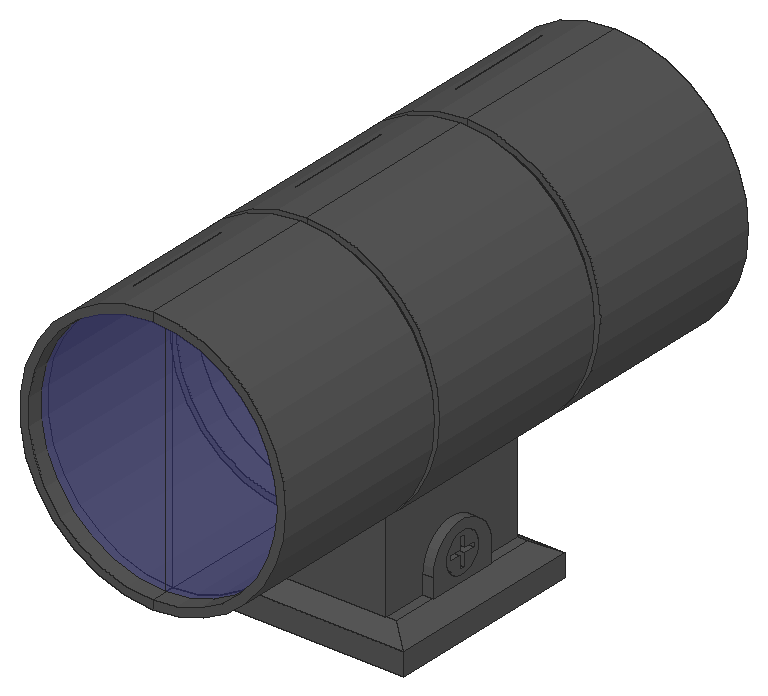
Revit family "CARLO CYLINDER LIGHT WALL MOUNT", category Lighting Fixtures, host Face, Revit 2020 (continued)
Types (10): name | Wattage_Input | Wattage Comments | Wattage | Photometric Web File | built-in parameter 1150142 | Model | built-in parameter 1150105 | Lumens | Light Length 1 | LIGHT RADIUS | LIGHT PLACEMENT | LIGHT LENGTH | LIGHT DIA | built-in parameter 1150106 | FIXED END HEIGHT | Curve base Height | Base Curve | BEAMING ANGLE | Apparent Load
    8.6 2387.4 2372 2352.9 2329.9 2303.5 2274.6 2242.5 2206.7 \r\n 2168.3 2128.1 2085.5 2039.5 1992.3 1945.7 1899.5 1854.5 1808.8 1760.4 \r\n 1710.5 1659.9 1607.9 1554.2 1499.1 1442.5 1385.3 1328.7 1271.3 1211.6 \r\n 1151.4 1091.5 1032.8 976.83 922.96 870.96 821.44 774.86 731.42 691.15 \r\n 655.05 624.36 598.44 577.46 560.28 545.98 534.16 524.2 515.92 509.02 \r\n 503.26 498.39 494.22 490.51 487.1 483.72 480.46 477.32 474.26 471.43 \r\n 468.24 463.96 459.21 454.52 449.52 445.15 438.04 424.49 406.44 384.11 \r\n 358.9 332.34 304.23 274.6 244.27 213.91 184.01 155.29 127.74 100.78 \r\n 76.86 58.521 45.018 37.38 32.823 28.743 25.621 22.993 21.085 20.188 \r\n 19.643 18.788 17.924 17.137 16.404 15.743 15.125 14.534 13.957 13.36 \r\n 12.785 12.281 11.798 11.291 10.793 10.325 9.87 9.4108 8.9618 8.5381 \r\n 8.1204 7.6869 7.2612 6.8653 6.4822 6.0959 5.7251 5.3935 5.0707 4.723 \r\n 4.384 4.0835 3.7998 3.5178 3.2477 2.9965 2.7591 2.532 2.3171 2.114 \r\n 1.9259 1.7548 1.6036 1.4784 1.3721 1.2784 1.2007 1.1392 1.0969 1.0756 \r\n 1.0797 1.1178 1.1795 1.2647 1.3518 1.4156 1.4678 1.5172 1.5474 1.5392 \r\n 1.5093 1.4773 1.4205 1.3104 1.1851 1.0842 0.9745 0.82383 0.66897 0.54194 \r\n 0.42486 0.30528 0.19901 0.1199 0.061343 0.022067 0 0 0 0 \r\n 0 0 0 0.012812 0.043311 0.10602 0.18481 0.26448 0.35678 0.47249 \r\n 0.59928 0.72608 0.85992 1.0109 1.1588 1.2814 1.3947 1.5165 1.6194 1.6778 \r\n 1.709 1.7239 1.7152 1.6751 1.6149 1.5416 1.4609 1.376 1.301 1.2494 \r\n 1.2255 1.242 1.2867 1.3525 1.436 1.5282 1.6381 1.7726 1.9286 2.108 \r\n 2.303 2.5042 2.7184 2.9523 3.1975 3.4465 3.7039 3.9682 4.2502 4.5677 \r\n 4.8983 5.219 5.5487 5.9042 6.2676 6.6164 6.981 7.3978 7.8261 8.2248 \r\n 8.6306 9.0768 9.5318 9.9626 10.406 10.9 11.407 11.888 12.382 12.92 \r\n 13.489 14.09 14.709 15.329 15.955 16.565 17.226 18.043 18.885 19.601 \r\n 20.352 21.135 22.298 24.17 26.802 29.376 34.832 45.84 62.387 86.965 \r\n 114.73 140.59 167.74 198.59 230.29 260.42 290 319.73 348.19 374.28 \r\n 397.72 418.35 434.74 444.35 450.43 455.09 459.15 464.82 470.06 473.06 \r\n 475.45 478.41 481.49 484.61 487.86 491.3 494.96 498.8 503.15 508.23 \r\n 514.32 521.71 530.58 540.99 553.54 568.63 586.9 608.92 635.35 667.26 \r\n 703.96 745.43 790.83 839.61 890.93 943.63 998.13 1054.9 1112.7 1170.4 \r\n 1228 1285.2 1341.8 1397.2 1452 1506.7 1560.9 1614.8 1667.9 1720.3 \r\n 1771.3 1820.3 1867.7 1913.9 1959.6 2006.5 2052.9 2097.7 2140.5 2180.6 \r\n 2218.1 2253.6 2286 2314.4 2339.4 2361.8 2380.6 2395.1 2406 2413.1 \r\n 2417.7 2420.9 2422.8 2423.6 2423.7 2423.5 2423 2422.4 2421.6 2420.6 \r\n 2421.2 \r\n2410.7 2418.6 2418.5 2418.1 2417.5 2416.9 2416.1 2415.2 2413.5 2410.4 \r\n 2405.3 2397.2 2385.7 2370.1 2350.7 2327.3 2300.6 2271.5 2239.4 2203.8 \r\n 2165.4 2124.8 2081.9 2036.1 1989.2 1942.7 1896.4 1851.1 1805.1 1756.5 \r\n 1706.4 1655.5 1603.4 1550 1495.2 1438.4 1380.9 1324.1 1266.6 1207 \r\n 1146.9 1087 1028.4 972.57 918.95 867.39 818.31 771.97 728.76 688.89 \r\n 653.21 622.8 597.13 576.41 559.47 545.31 533.58 523.59 515.27 508.42 \r\n 502.73 497.86 493.66 489.92 486.47 483.05 479.76 476.63 473.57 470.72 \r\n 467.49 463.08 458.25 453.66 448.78 444.41 437.25 423.62 405.36 382.56 \r\n 356.85 330.03 301.76 272.07 241.69 211.08 181.09 152.95 125.89 98.4 \r\n 73.962 56.036 43.197 36.099 31.968 28.003 24.941 22.581 20.922 20.071 \r\n 19.51 18.664 17.812 17.056 16.353 15.697 15.078 14.491 13.918 13.325 \r\n 12.753 12.248 11.764 11.259 10.762 10.293 9.8361 9.3796 8.9323 8.5026 \r\n 8.0795 7.6494 7.2281 6.8313 6.4465 6.0605 5.6908 5.3604 5.0397 4.6965 \r\n 4.3619 4.062 3.7791 3.5019 3.2369 2.988 2.7516 2.5245 2.3097 2.1087 \r\n 1.9229 1.7528 1.6032 1.4817 1.3794 1.2889 1.2137 1.1544 1.1126 1.0866 \r\n 1.0873 1.1313 1.2 1.2862 1.3728 1.4366 1.488 1.5341 1.5619 1.5575 \r\n 1.5301 1.4924 1.4294 1.3202 1.1952 1.0853 0.96752 0.82048 0.67046 0.53971 \r\n 0.41888 0.30281 0.20116 0.12347 0.064899 0.02405 0.00020738 0 0 0 \r\n 0 0 0 0.016673 0.050606 0.11028 0.18869 0.28423 0.38921 0.48948 \r\n 0.60282 0.75325 0.90788 1.0321 1.155 1.3076 1.4502 1.5447 1.6179 1.694 \r\n 1.7458 1.7452 1.7185 1.6875 1.6373 1.5511 1.4567 1.3769 1.3094 1.2556 \r\n 1.2272 1.2408 1.2831 1.3464 1.4296 1.5274 1.6444 1.7845 1.9449 2.1259 \r\n 2.3228 2.531 2.7512 2.9831 3.2259 3.4795 3.7417 4.0042 4.2854 4.612 \r\n 4.9505 5.2657 5.5906 5.9571 6.3322 6.6795 7.0406 7.4616 7.8926 8.2837 \r\n 8.6813 9.1282 9.5854 10.015 10.456 10.948 11.453 11.935 12.433 12.977 \r\n 13.551 14.157 14.777 15.391 16.014 16.639 17.313 18.117 18.941 19.644 \r\n 20.404 21.254 22.477 24.308 26.92 29.517 35.247 47.204 64.762 89.723 \r\n 117.9 144.91 173.1 204.04 235.65 266.32 296.33 325.72 353.64 379.45 \r\n 402.53 422.42 437.92 446.46 451.62 456.01 460 465.43 470.47 473.39 \r\n 475.75 478.7 481.79 484.95 488.27 491.76 495.51 499.49 504 509.22 \r\n 515.48 523.16 532.39 543.2 556.21 571.84 590.74 613.5 640.75 673.55 \r\n 711.15 753.47 799.55 848.56 900.07 953.36 1008.4 1065.4 1123.2 1180.8 \r\n 1238.2 1295.3 1351.7 1406.9 1461.6 1516 1570.1 1624.1 1677.2 1728.7 \r\n 1779 1828.1 1876 1922.3 1968.1 2015 2061.3 2106 2148.5 2188.1 \r\n 2225 2260 2291.9 2319.6 2344 2365.7 2383.8 2397.5 2407.5 2414.3 \r\n 2418.7 2421.8 2423.6 2424.4 2424.4 2424.2 2423.7 2422.8 2421.7 2420.6 \r\n 2421.2 \r\n2410.7 2418.2 2418 2417.5 2416.8 2416.3 2415.5 2414.5 2412.6 2409.4 \r\n 2404.1 2395.9 2384.2 2368.4 2348.8 2325 2298 2268.8 2236.7 2201.3 \r\n 2163 2122 2078.7 2033.1 1986.4 1940.1 1893.7 1848.1 1801.8 1753.1 \r\n 1702.9 1651.7 1599.4 1546.3 1491.8 1434.9 1377.2 1320.3 1262.7 1203.2 \r\n 1143.1 1083.3 1024.7 969.01 915.62 864.44 815.75 769.6 726.58 687.08 \r\n 651.76 621.57 596.07 575.57 558.82 544.78 533.1 523.07 514.69 507.88 \r\n 502.24 497.37 493.14 489.35 485.85 482.4 479.09 475.97 472.92 470.04 \r\n 466.77 462.27 457.38 452.87 448.09 443.74 436.55 422.92 404.56 381.35 \r\n 355.2 328.14 299.72 269.94 239.46 208.61 178.5 150.83 124.18 96.188 \r\n 71.258 53.674 41.414 34.806 31.079 27.253 24.282 22.195 20.783 19.971 \r\n 19.389 18.554 17.718 16.991 16.314 15.661 15.04 14.456 13.888 13.298 \r\n 12.729 12.223 11.737 11.234 10.739 10.267 9.8084 9.3547 8.9094 8.4737 \r\n 8.045 7.6184 7.2017 6.804 6.4174 6.0316 5.6628 5.3334 5.0145 4.6751 \r\n 4.3442 4.0453 3.7635 3.4901 3.2292 2.9827 2.7477 2.52 2.3047 2.1058 \r\n 1.9226 1.7533 1.6046 1.4862 1.3874 1.2995 1.2267 1.1698 1.129 1.0989 \r\n 1.0966 1.1459 1.221 1.3086 1.3949 1.4585 1.5091 1.5529 1.5791 1.5773 \r\n 1.5515 1.5095 1.4416 1.3321 1.2062 1.0886 0.96409 0.81964 0.67327 0.53956 \r\n 0.41574 0.30224 0.20408 0.12777 0.069314 0.026525 0.00051623 0 0 0 \r\n 0 0 0 0.020887 0.058581 0.11522 0.19304 0.30384 0.42098 0.50609 \r\n 0.60625 0.77974 0.95459 1.0524 1.1508 1.3324 1.5033 1.5707 1.6143 1.7066 \r\n 1.7775 1.7616 1.7173 1.6941 1.6528 1.5544 1.4472 1.3727 1.3132 1.2586 \r\n 1.2274 1.239 1.2793 1.3404 1.4235 1.5268 1.651 1.7966 1.9614 2.1438 \r\n 2.3425 2.5574 2.7834 3.0137 3.2544 3.5123 3.7791 4.041 4.3223 4.6567 \r\n 5.0023 5.3136 5.6351 6.0115 6.3972 6.7448 7.1043 7.5285 7.9615 8.3473 \r\n 8.7393 9.1868 9.6459 10.076 10.516 11.005 11.508 11.993 12.495 13.044 \r\n 13.623 14.233 14.855 15.46 16.079 16.724 17.416 18.207 19.014 19.708 \r\n 20.481 21.411 22.714 24.537 27.167 29.823 35.865 48.84 67.401 92.475 \r\n 120.78 148.92 178.2 209.17 240.66 271.85 302.29 331.4 358.82 384.34 \r\n 407.02 426.15 440.75 448.32 452.69 456.87 460.79 465.96 470.77 473.65 \r\n 476.04 478.98 482.08 485.28 488.64 492.2 496.03 500.16 504.83 510.18 \r\n 516.62 524.58 534.15 545.36 558.83 574.97 594.47 617.97 646.03 679.7 \r\n 718.16 761.28 807.99 857.2 908.88 962.77 1018.4 1075.6 1133.5 1191 \r\n 1248.2 1305.1 1361.3 1416.4 1470.9 1525.2 1579.1 1633.1 1686.2 1736.9 \r\n 1786.4 1835.6 1883.9 1930.5 1976.5 2023.3 2069.5 2114.1 2156.4 2195.4 \r\n 2231.8 2266.3 2297.7 2324.8 2348.5 2369.5 2387 2399.7 2409 2415.5 \r\n 2419.7 2422.7 2424.4 2425.1 2425.1 2424.9 2424.3 2423.1 2421.8 2420.6 \r\n 2421.2 \r\n2410.7 2417.9 2417.5 2416.9 2416.3 2415.8 2415 2413.8 2411.7 2408.5 \r\n 2403.1 2394.7 2383 2367.1 2347.3 2323.4 2296.2 2266.9 2234.8 2199.5 \r\n 2161.3 2119.9 2076.2 2030.8 1984.4 1938.1 1891.7 1845.9 1799.3 1750.5 \r\n 1700.3 1648.9 1596.5 1543.6 1489.4 1432.4 1374.5 1317.5 1260 1200.4 \r\n 1140.4 1080.6 1022.1 966.51 913.32 862.44 814.03 768.02 725.14 685.92 \r\n 650.87 620.79 595.37 575.01 558.38 544.42 532.75 522.65 514.2 507.41 \r\n 501.8 496.92 492.66 488.83 485.28 481.8 478.48 475.36 472.31 469.42 \r\n 466.12 461.57 456.64 452.19 447.49 443.17 436.01 422.48 404.14 380.66 \r\n 354.19 326.94 298.38 268.48 237.89 206.81 176.57 149.19 122.77 94.373 \r\n 69.053 51.692 39.845 33.624 30.238 26.562 23.708 21.868 20.67 19.889 \r\n 19.283 18.464 17.648 16.944 16.286 15.635 15.01 14.429 13.863 13.276 \r\n 12.709 12.201 11.713 11.213 10.719 10.246 9.7852 9.3343 8.8911 8.4506 \r\n 8.0173 7.594 7.1817 6.7836 6.3957 6.0101 5.6419 5.3131 4.9954 4.6587 \r\n 4.3305 4.033 3.7524 3.4814 3.2229 2.9789 2.7455 2.5166 2.3003 2.1036 \r\n 1.9229 1.754 1.6057 1.4893 1.3929 1.3069 1.2359 1.1819 1.1429 1.1103 \r\n 1.1062 1.16 1.2404 1.3296 1.4162 1.4794 1.5291 1.5722 1.5978 1.5967 \r\n 1.5708 1.5264 1.4555 1.3444 1.2163 1.0936 0.9647 0.82125 0.67665 0.5413 \r\n 0.41583 0.30334 0.20681 0.13173 0.073662 0.028975 0.00082767 0 0 0 \r\n 0 0 0 0.025473 0.067391 0.12168 0.19896 0.32274 0.45018 0.52216 \r\n 0.61096 0.80448 0.9968 1.0714 1.148 1.3545 1.5497 1.5929 1.6099 1.7146 \r\n 1.8006 1.7716 1.7117 1.694 1.6592 1.5502 1.4326 1.3631 1.3113 1.2583 \r\n 1.2268 1.2378 1.2773 1.3371 1.4204 1.529 1.6597 1.8105 1.9793 2.163 \r\n 2.3632 2.584 2.8153 3.0446 3.2839 3.5453 3.8162 4.0787 4.361 4.7016 \r\n 5.0527 5.3622 5.6825 6.0664 6.4603 6.8102 7.1704 7.5963 8.0301 8.4143 \r\n 8.8046 9.2524 9.7126 10.145 10.587 11.073 11.575 12.063 12.569 13.122 \r\n 13.705 14.319 14.942 15.539 16.153 16.821 17.534 18.316 19.11 19.795 \r\n 20.586 21.605 23.011 24.875 27.581 30.347 36.752 50.844 70.43 95.377 \r\n 123.54 152.69 182.98 213.98 245.35 276.96 307.76 336.66 363.68 388.89 \r\n 411.11 429.45 443.17 449.92 453.64 457.64 461.51 466.42 471 473.88 \r\n 476.32 479.27 482.37 485.6 489.02 492.63 496.55 500.8 505.63 511.13 \r\n 517.75 525.96 535.84 547.44 561.36 577.98 598.03 622.24 651.07 685.57 \r\n 724.83 768.68 815.97 865.37 917.22 971.69 1027.9 1085.3 1143.2 1200.6 \r\n 1257.7 1314.4 1370.5 1425.4 1479.6 1533.8 1587.6 1641.6 1694.5 1744.5 \r\n 1793.3 1842.7 1891.3 1938.1 1984.4 2031.3 2077.4 2121.9 2164 2202.6 \r\n 2238.4 2272.4 2303.2 2329.7 2352.8 2373.2 2390 2402 2410.6 2416.7 \r\n 2420.8 2423.5 2425.1 2425.7 2425.7 2425.5 2424.9 2423.5 2421.9 2420.6 \r\n 2421.2 \r\n2410.7 2417.7 2417.3 2416.8 2416.1 2415.4 2414.4 2413.2 2411.2 2407.9 \r\n 2402.5 2394.2 2382.6 2366.9 2347.5 2323.8 2296.8 2267.6 2235.4 2200.1 \r\n 2161.9 2120.5 2076.8 2031.4 1985 1938.7 1892.3 1846.5 1800 1751.3 \r\n 1701.1 1650 1597.8 1544.8 1490.5 1433.7 1376 1319 1261.4 1201.7 \r\n 1141.5 1081.6 1023.1 967.71 914.66 863.71 815.23 769.25 726.38 687 \r\n 651.75 621.49 595.89 575.38 558.61 544.49 532.69 522.52 514.02 507.14 \r\n 501.46 496.55 492.29 488.41 484.83 481.36 478.07 474.95 471.9 469 \r\n 465.72 461.3 456.49 451.99 447.24 442.99 436.02 422.91 405 381.8 \r\n 355.49 328.22 299.56 269.59 238.94 207.93 177.62 149.62 122.62 94.362 \r\n 69.259 51.635 39.477 33.187 29.838 26.294 23.584 21.803 20.628 19.838 \r\n 19.221 18.435 17.653 16.947 16.277 15.621 14.993 14.406 13.835 13.246 \r\n 12.677 12.167 11.677 11.176 10.684 10.213 9.7542 9.3044 8.8628 8.4274 \r\n 7.9994 7.5773 7.1658 6.7714 6.3871 6.0027 5.6347 5.3053 4.9864 4.6475 \r\n 4.3179 4.0224 3.7433 3.4685 3.2064 2.9641 2.7329 2.5024 2.2842 2.0885 \r\n 1.909 1.7398 1.5904 1.4717 1.3729 1.2843 1.213 1.1644 1.1328 1.1075 \r\n 1.1091 1.1639 1.2443 1.3366 1.4263 1.49 1.5401 1.5865 1.6132 1.6033 \r\n 1.5696 1.5305 1.4652 1.3471 1.2124 1.0969 0.9753 0.82577 0.67455 0.54429 \r\n 0.42383 0.3051 0.20149 0.12718 0.071777 0.028151 0.00065728 0 0 0 \r\n 0.000024 0 0.0025512 0.031972 0.078011 0.1347 0.21349 0.33832 0.46571 0.53484 \r\n 0.62162 0.81939 1.015 1.0832 1.1536 1.3648 1.5644 1.6019 1.6108 1.7114 \r\n 1.7947 1.7635 1.7018 1.6802 1.6414 1.5299 1.4112 1.3421 1.2937 1.2502 \r\n 1.2289 1.2456 1.2887 1.3508 1.4357 1.5459 1.6782 1.8311 2.0015 2.185 \r\n 2.3849 2.6065 2.8392 3.0703 3.3111 3.5719 3.8425 4.1076 4.3926 4.7327 \r\n 5.084 5.3988 5.7235 6.1037 6.4946 6.8525 7.2204 7.6408 8.0709 8.4693 \r\n 8.8743 9.3207 9.7782 10.218 10.67 11.159 11.662 12.151 12.659 13.215 \r\n 13.803 14.423 15.049 15.632 16.238 16.93 17.673 18.474 19.277 19.934 \r\n 20.725 21.83 23.401 25.541 28.577 31.525 38.425 54.214 75.214 99.516 \r\n 126.75 156.16 186.97 218.17 249.6 281.04 311.66 340.64 367.68 392.53 \r\n 414.17 431.67 444.57 450.81 454.23 458.13 461.97 466.75 471.24 474.16 \r\n 476.69 479.66 482.79 486.04 489.47 493.12 497.09 501.39 506.3 511.96 \r\n 518.78 527.15 537.22 549.1 563.35 580.24 600.65 625.43 654.88 689.87 \r\n 729.58 773.91 821.63 871.3 923.42 978.33 1035 1092.6 1150.6 1208 \r\n 1264.9 1321.3 1377 1431.6 1485.7 1539.9 1593.7 1647.3 1699.7 1749.7 \r\n 1798.6 1847.6 1896.1 1943.6 1990.5 2037.8 2084 2128.4 2170.3 2208.5 \r\n 2244 2277.4 2307.7 2333.7 2356.3 2376.2 2392.5 2404.1 2412.3 2418.2 \r\n 2422 2424.4 2425.6 2426.2 2426.1 2425.9 2425.2 2423.7 2422 2420.6 \r\n 2421.2 \r\n2410.7 2417.6 2417.2 2416.7 2416.1 2415.1 2413.8 2412.6 2410.6 2407.3 \r\n 2402 2393.8 2382.5 2367.2 2348.1 2324.9 2298.2 2269 2236.9 2201.5 \r\n 2163.2 2121.9 2078.2 2032.8 1986.3 1939.9 1893.6 1847.9 1801.6 1752.9 \r\n 1702.9 1652.1 1600.2 1547.1 1492.7 1436.1 1378.6 1321.7 1264 1204.2 \r\n 1143.8 1083.8 1025.3 970 917.02 865.92 817.25 771.25 728.32 688.69 \r\n 653.14 622.61 596.75 576.01 559.03 544.7 532.73 522.49 513.94 506.95 \r\n 501.17 496.23 491.95 488.03 484.42 480.98 477.71 474.6 471.55 468.64 \r\n 465.38 461.14 456.49 451.9 447.07 442.91 436.18 423.58 406.25 383.47 \r\n 357.45 330.2 301.46 271.41 240.69 209.77 179.39 150.59 122.86 94.853 \r\n 70.077 52.068 39.424 32.942 29.547 26.129 23.576 21.808 20.608 19.801 \r\n 19.177 18.427 17.679 16.965 16.275 15.614 14.981 14.389 13.813 13.221 \r\n 12.649 12.136 11.645 11.144 10.653 10.184 9.7281 9.2791 8.8392 8.4102 \r\n 7.9883 7.5672 7.1561 6.7658 6.3856 6.0026 5.6344 5.3041 4.9834 4.6413 \r\n 4.3092 4.0159 3.7384 3.4585 3.1912 2.9505 2.7216 2.4892 2.2689 2.074 \r\n 1.8956 1.7258 1.5747 1.4529 1.3508 1.259 1.1867 1.1435 1.1197 1.1031 \r\n 1.1116 1.1662 1.2455 1.341 1.434 1.4981 1.5485 1.5995 1.6283 1.6081 \r\n 1.5654 1.5333 1.4754 1.3494 1.2073 1.1013 0.98919 0.83248 0.67319 0.54896 \r\n 0.43446 0.30834 0.19624 0.12236 0.069609 0.02714 0.00044552 0 0 0 \r\n 0.000049 0 0.0054997 0.039074 0.08952 0.14949 0.22994 0.35275 0.4777 0.54746 \r\n 0.63525 0.83259 1.0272 1.0941 1.1629 1.3725 1.5702 1.6063 1.612 1.704 \r\n 1.7792 1.7485 1.6876 1.6592 1.6138 1.5023 1.3857 1.3169 1.2716 1.2397 \r\n 1.231 1.2548 1.3028 1.3685 1.4558 1.5674 1.7007 1.8552 2.027 2.2106 \r\n 2.4103 2.6319 2.8653 3.0992 3.3424 3.602 3.8718 4.1407 4.4294 4.7672 \r\n 5.117 5.4392 5.7703 6.1444 6.5299 6.8975 7.275 7.6887 8.114 8.5294 \r\n 8.9522 9.397 9.851 10.301 10.763 11.256 11.76 12.251 12.76 13.32 \r\n 13.911 14.537 15.165 15.736 16.336 17.051 17.825 18.647 19.462 20.098 \r\n 20.897 22.095 23.846 26.29 29.698 32.904 40.362 57.859 80.243 103.82 \r\n 130 159.52 190.69 222.1 253.61 284.77 315.1 344.24 371.37 395.84 \r\n 416.86 433.5 445.59 451.47 454.72 458.56 462.4 467.06 471.46 474.45 \r\n 477.07 480.08 483.23 486.49 489.94 493.63 497.64 501.98 506.96 512.8 \r\n 519.82 528.33 538.57 550.72 565.28 582.43 603.17 628.51 658.56 693.99 \r\n 734.1 778.84 826.94 876.92 929.34 984.66 1041.7 1099.5 1157.5 1215 \r\n 1271.8 1327.9 1383.2 1437.5 1491.3 1545.6 1599.4 1652.5 1704.5 1754.5 \r\n 1803.6 1852.3 1900.6 1948.7 1996.4 2044 2090.5 2134.7 2176.3 2214.2 \r\n 2249.3 2282.2 2311.9 2337.6 2359.8 2379.1 2394.9 2406.1 2414 2419.6 \r\n 2423.2 2425.2 2426.1 2426.5 2426.4 2426.1 2425.4 2423.9 2422.2 2420.6 \r\n 2421.2 \r\n2410.7 2417.5 2417.1 2416.7 2416.1 2414.8 2413.3 2412.1 2410.2 2406.9 \r\n 2401.6 2393.7 2382.6 2367.8 2349.1 2326.3 2300.1 2271 2238.8 2203.4 \r\n 2165 2123.8 2080.3 2034.7 1988.2 1941.7 1895.3 1849.8 1803.7 1755.1 \r\n 1705.3 1654.9 1603.3 1550.1 1495.5 1439.1 1382 1325.2 1267.5 1207.4 \r\n 1146.9 1086.8 1028.3 973.03 920.06 868.75 819.81 773.72 730.67 690.74 \r\n 654.82 623.97 597.82 576.81 559.58 545.01 532.86 522.54 513.93 506.82 \r\n 500.92 495.95 491.65 487.69 484.04 480.63 477.4 474.28 471.23 468.3 \r\n 465.09 461.04 456.57 451.8
